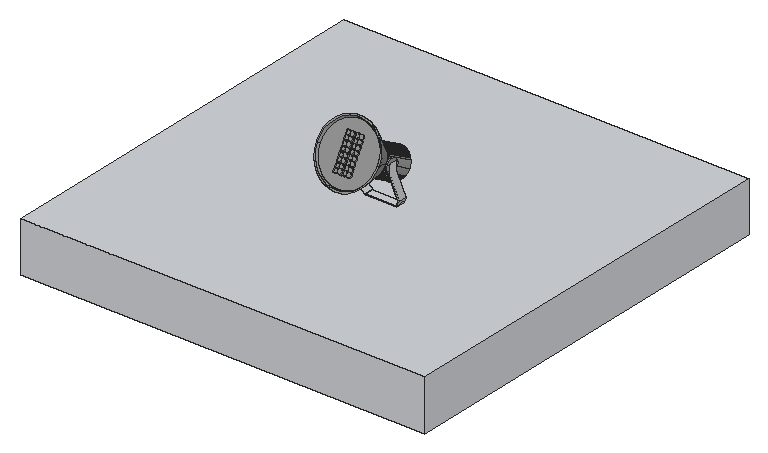
Revit family "LAMP_SHOT 380 G2", category Modelos genéricos, Revit 2018 (continued)
Definition of nested family "Cabeza Shot"
  Automatic sketch dimensions
    plane 5 to Revolve 13 sketch curve = 20 mm
    Revolve 13 sketch curve to Revolve 13 sketch curve = 180 mm
    Revolve 13 sketch curve to Revolve 13 sketch curve = 18.164 mm
    Revolve 13 sketch curve to Revolve 13 sketch curve = 8.164 mm
    Revolve 13 sketch curve to level = 304.8 mm
    Revolve 13 sketch curve to Revolve 13 sketch curve = 746.751 mm
    plane 1 "Eje de origen de luz (F/P)" to Extrusion 2 sketch curve = 0 mm
    Extrusion 2 sketch curve to plane 3 "Eje de origen de luz (I/D)" = 0 mm
    Extrusion 2 sketch curve to plane 1 "Eje de origen de luz (F/P)" = 2 mm  (x2)
    Extrusion 2 sketch curve to Extrusion 2 sketch curve = 50.5 mm  (x12)
    Extrusion 2 sketch curve to Extrusion 2 sketch curve = 4 mm  (x4)
    Extrusion 2 sketch curve to plane 3 "Eje de origen de luz (I/D)" = 2 mm  (x4)
    plane 1 "Eje de origen de luz (F/P)" to Extrusion 2 sketch curve = 2 mm  (x2)
    plane 3 "Eje de origen de luz (I/D)" to Extrusion 2 sketch curve = 2 mm  (x4)
    Extrusion 2 sketch curve to Extrusion 2 sketch curve = 0 mm  (x3)
    Extrusion 2 sketch curve to plane 3 "Eje de origen de luz (I/D)" = 52.5 mm
    Extrusion 3 sketch curve to plane 3 "Eje de origen de luz (I/D)" = 39.875 mm  (x2)
    Extrusion 3 sketch curve to plane 1 "Eje de origen de luz (F/P)" = 94.406 mm
    plane 3 "Eje de origen de luz (I/D)" to Extrusion 3 sketch curve = 39.875 mm
    Extrusion 3 sketch curve to Extrusion 3 sketch curve = 0 mm  (x17)
    Extrusion 3 sketch curve to Extrusion 3 sketch curve = 25.25 mm  (x12)
    Extrusion 3 sketch curve to plane 3 "Eje de origen de luz (I/D)" = 14.525 mm  (x8)
    Extrusion 3 sketch curve to Extrusion 3 sketch curve = 29.281 mm  (x3)
    plane 3 "Eje de origen de luz (I/D)" to Extrusion 3 sketch curve = 14.525 mm  (x8)
    Extrusion 3 sketch curve to plane 1 "Eje de origen de luz (F/P)" = 14.625 mm  (x4)
    plane 1 "Eje de origen de luz (F/P)" to Extrusion 3 sketch curve = 14.625 mm  (x4)
    Extrusion 3 sketch curve to Extrusion 3 sketch curve = 25.35 mm  (x4)
    Extrusion 4 sketch curve to plane 3 "Eje de origen de luz (I/D)" = 0 mm
    Extrusion 4 sketch curve to plane 1 "Eje de origen de luz (F/P)" = 7.359 mm
    Extrusion 4 sketch curve to plane 1 "Eje de origen de luz (F/P)" = 6.897 mm
    plane 3 "Eje de origen de luz (I/D)" to Extrusion 4 sketch curve = 1.323 mm
    Extrusion 4 sketch curve to Extrusion 4 sketch curve = 0 mm  (x4)
    Extrusion 4 sketch curve to plane 1 "Eje de origen de luz (F/P)" = 6.622 mm
    Extrusion 4 sketch curve to Extrusion 4 sketch curve = 0.766 mm  (x2)
    Extrusion 4 sketch curve to Extrusion 4 sketch curve = 0.776 mm
    Extrusion 4 sketch curve to plane 1 "Eje de origen de luz (F/P)" = 6.305 mm
    Extrusion 4 sketch curve to Extrusion 4 sketch curve = 0.752 mm
    Extrusion 4 sketch curve to plane 3 "Eje de origen de luz (I/D)" = 1.829 mm
    Extrusion 4 sketch curve to Extrusion 4 sketch curve = 1.057 mm
    Extrusion 4 sketch curve to Extrusion 4 sketch curve = 0.508 mm
    Extrusion 4 sketch curve to Extrusion 4 sketch curve = 0.883 mm  (x2)
    Extrusion 4 sketch curve to Extrusion 4 sketch curve = 0.236 mm
    Extrusion 4 sketch curve to Extrusion 4 sketch curve = 0.276 mm
    Extrusion 4 sketch curve to Extrusion 4 sketch curve = 0.387 mm
    Extrusion 4 sketch curve to Extrusion 4 sketch curve = 0.74 mm
    Extrusion 4 sketch curve to Extrusion 4 sketch curve = 0.762 mm  (x2)
    Extrusion 4 sketch curve to Extrusion 4 sketch curve = 2.631 mm  (x2)
    Extrusion 4 sketch curve to plane 1 "Eje de origen de luz (F/P)" = 2.345 mm
    Extrusion 4 sketch curve to plane 1 "Eje de origen de luz (F/P)" = 1.588 mm
    Extrusion 4 sketch curve to plane 1 "Eje de origen de luz (F/P)" = 1.499 mm
    Extrusion 4 sketch curve to plane 1 "Eje de origen de luz (F/P)" = 0.763 mm
    Extrusion 4 sketch curve to plane 1 "Eje de origen de luz (F/P)" = 0.678 mm
    Extrusion 4 sketch curve to plane 3 "Eje de origen de luz (I/D)" = 2.775 mm
    plane 1 "Eje de origen de luz (F/P)" to Extrusion 4 sketch curve = 5.62 mm
    plane 1 "Eje de origen de luz (F/P)" to Extrusion 4 sketch curve = 5.8 mm
    plane 1 "Eje de origen de luz (F/P)" to Extrusion 4 sketch curve = 5.802 mm
    Extrusion 4 sketch curve to Extrusion 4 sketch curve = 0.004 mm
    Extrusion 4 sketch curve to Extrusion 4 sketch curve = 0.036 mm
    Extrusion 4 sketch curve to plane 3 "Eje de origen de luz (I/D)" = 3.669 mm
    Extrusion 4 sketch curve to Extrusion 4 sketch curve = 0.25 mm
    Extrusion 4 sketch curve to Extrusion 4 sketch curve = 0.733 mm
    Extrusion 4 sketch curve to plane 3 "Eje de origen de luz (I/D)" = 0.729 mm
    Extrusion 4 sketch curve to Extrusion 4 sketch curve = 1.743 mm
    Extrusion 4 sketch curve to Extrusion 4 sketch curve = 0.727 mm
    Extrusion 4 sketch curve to Extrusion 4 sketch curve = 1.371 mm
    Extrusion 4 sketch curve to Extrusion 4 sketch curve = 1.628 mm
    Extrusion 4 sketch curve to Extrusion 4 sketch curve = 1.615 mm
    Extrusion 4 sketch curve to Extrusion 4 sketch curve = 1.682 mm
    Extrusion 4 sketch curve to Extrusion 4 sketch curve = 0.237 mm
    Extrusion 4 sketch curve to Extrusion 4 sketch curve = 0.252 mm
    Extrusion 4 sketch curve to Extrusion 4 sketch curve = 0.775 mm
    Extrusion 4 sketch curve to Extrusion 4 sketch curve = 0.48 mm
    Extrusion 4 sketch curve to Extrusion 4 sketch curve = 6.048 mm
    Extrusion 4 sketch curve to Extrusion 4 sketch curve = 1.476 mm
    Extrusion 4 sketch curve to Extrusion 4 sketch curve = 9.055 mm
    Extrusion 4 sketch curve to Extrusion 4 sketch curve = 0.453 mm
    Extrusion 4 sketch curve to Extrusion 4 sketch curve = 1.725 mm
    Extrusion 4 sketch curve to Extrusion 4 sketch curve = 0.824 mm
    Extrusion 4 sketch curve to Extrusion 4 sketch curve = 0.076 mm
    Extrusion 4 sketch curve to Extrusion 4 sketch curve = 1.696 mm
    Extrusion 4 sketch curve to Extrusion 4 sketch curve = 0.277 mm
    Extrusion 4 sketch curve to Extrusion 4 sketch curve = 3.444 mm
    Extrusion 4 sketch curve to Extrusion 4 sketch curve = 1.635 mm
    radius of Extrusion 2 sketch curve = 176.33 mm
    radius of Extrusion 3 sketch curve = 12.5 mm  (x32)
Types (12, lengths in mm): name | Product datasheet | Product code | Power | Plum | Photometric web file | Modelo | LED Lifetime | Initial intensity | Initial color | Efficacy | Descripción
  4721LM 3000 SPOT | "http://www.lamp.es/product-files/TECH/SH23807SP830NG-EN.pdf" | "SH23807SP830NG" | 45 W | 51.1 W | Cabeza Shot : 4721LM 3000 SPOT | "SH23807SP830NG" | "50.000 L90 B10" | 4721 lm | 3000 K | 92.4 lm/W | "SHOT 380 G2 7000 8WW SP GR."
  4788LM 3000 MEDIUM FLOOD | "http://www.lamp.es/product-files/TECH/SH23807MF830NG-EN.pdf" | "SH23807MF830NG" | 45 W | 51.1 W | Cabeza Shot : 4788LM 3000 MEDIUM FLOOD | "SH23807MF830NG" | "50.000 L90 B10" | 4788 lm | 3000 K | 93.7 lm/W | "SHOT 380 G2 7000 8WW MFL GR."
  4920LM 3000 STREET | "http://www.lamp.es/product-files/TECH/SH23807ST830NG-EN.pdf" | "SH23807ST830NG" | 73 W | 51.1 W | Cabeza Shot : 4920LM 3000 STREET | "SH23807ST830NG" | "50.000 L80 B10" | 4920 lm | 3000 K | 96.3 lm/W | "SHOT 380 G2 7000 8WW STREET GR."
  4970LM 4000 SPOT | "http://www.lamp.es/product-files/TECH/SH23807SP840NG-EN.pdf" | "SH23807SP840NG" | 45 W | 51.1 W | Cabeza Shot : 4970LM 4000 SPOT | "SH23807SP840NG" | "50.000 L90 B10" | 4970 lm | 4000 K | 97.3 lm/W | "SHOT 380 G2 7000 8NW SP GR."
  5040LM 4000 MEDIUM FLOOD | "http://www.lamp.es/product-files/TECH/SH23807MF840NG-EN.pdf" | "SH23807MF840NG" | 45 W | 51.1 W | Cabeza Shot : 5040LM 4000 MEDIUM FLOOD | "SH23807MF840NG" | "50.000 L90 B10" | 5040 lm | 4000 K | 98.6 lm/W | "SHOT 380 G2 7000 8NW MFL GR."
  5179LM 4000 STREET | "http://www.lamp.es/product-files/TECH/SH23807ST840NG-EN.pdf" | "SH23807ST840NG" | 45 W | 51.1 W | Cabeza Shot : 5179LM 4000 STREET | "SH23807ST840NG" | "50.000 L90 B10" | 5179 lm | 4000 K | 101.4 lm/W | "SHOT 380 G2 7000 8NW STREET GR."
  7003LM 3000 SPOT | "http://www.lamp.es/product-files/TECH/SH23811SP830NG-EN.pdf" | "SH23811SP830NG" | 73 W | 82.5 W | Cabeza Shot : 7003LM 3000 SPOT | "SH23811SP830NG" | "50.000 L80 B10" | 7003 lm | 3000 K | 84.9 lm/W | "SHOT 380 G2 10500 8WW SP GR."
  7102LM 3000 MEDIUM FLOOD | "http://www.lamp.es/product-files/TECH/SH23811MF830NG-EN.pdf" | "SH23811MF830NG" | 73 W | 82.5 W | Cabeza Shot : 7102LM 3000 MEDIUM FLOOD | "SH23811MF830NG" | "50.000 L80 B10" | 7102 lm | 3000 K | 86.1 lm/W | "SHOT 380 G2 10500 8WW MFL GR."
  7297LM 3000 STREET | "http://www.lamp.es/product-files/TECH/SH23811ST830NG-EN.pdf" | "SH23811ST830NG" | 73 W | 82.5 W | Cabeza Shot : 7297LM 3000 STREET | "SH23811ST830NG" | "50.000 L80 B10" | 7297 lm | 3000 K | 88.4 lm/W | "SHOT 380 G2 10500 8WW STREET GR."
  7372LM 4000 SPOT | "http://www.lamp.es/product-files/TECH/SH23811SP840NG-EN.pdf" | "SH23811SP840NG" | 73 W | 82.5 W | Cabeza Shot : 7372LM 4000 SPOT | "SH23811SP840NG" | "50.000 L80 B10" | 7372 lm | 4000 K | 89.4 lm/W | "SHOT 380 G2 10500 8NW SP GR."
  7475LM 4000 MEDIUM FLOOD | "http://www.lamp.es/product-files/TECH/SH23811MF840NG-EN.pdf" | "SH23811MF840NG" | 73 W | 82.5 W | Cabeza Shot : 7475LM 4000 MEDIUM FLOOD | "SH23811MF840NG" | "50.000 L80 B10" | 7475 lm | 4000 K | 90.6 lm/W | "SHOT 380 G2 10500 8NW MFL GR."
  7682LM 4000 STREET | "http://www.lamp.es/product-files/TECH/SH23811ST840NG-EN.pdf" | "SH23811ST840NG" | 73 W | 82.5 W | Cabeza Shot : 7682LM 4000 STREET | "SH23811ST840NG" | "50.000 L80 B10" | 7682 lm | 4000 K | 93.1 lm/W | "SHOT 380 G2 10500 8NW STREET GR."
